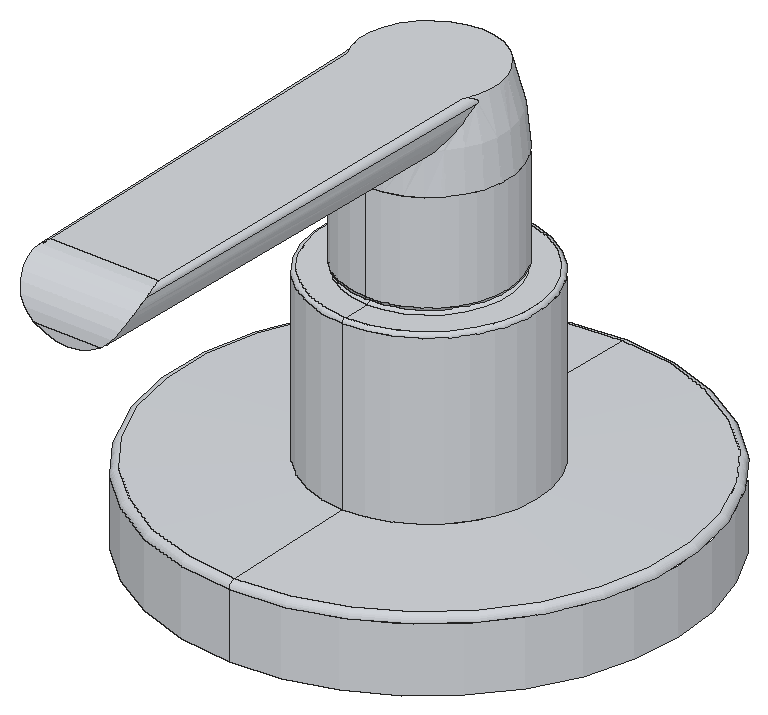
Revit family "Shower-Valve_Trim-KOHLER-Avid-K-T97025", category Specialty Equipment, host Face, Revit 2017
Family settings
  Host = Face
  Round Connector Dimension = Use Diameter
  Part Type = Normal
  OmniClass Number = 23.31.25.00
  OmniClass Title = Toilet and Bath Specialties
  Cut with Voids When Loaded = No
  Shared = No
  Room Calculation Point = No
Parameters (values of type "CP-Polished Chrome")
  Width = 3 15/16"  # constant formula
  WaterSense Certified = 1 = 0  # no
  URL = "https://www.us.kohler.com/us/"
  Type = 1
  Product Page URL = "http://www.us.kohler.com/us/catalog/productDetails.jsp?productId=T97025-4"
  Product Name = "Avid"  # constant formula
  Product Documentation Link = "https://www.us.kohler.com/webassets/kpna/catalog/pdf/en/K-T97025-4_spec.pdf"
  Model = if(Type = 1, "K-T97025-4-CP", if(Type = 2, "K-T97025-4-BN", "NA"))  # "K-T97025-4-CP"
  Material = "Premium Metal Construction"  # constant formula
  Master Format 2014 Name = "Toilet, Bath, and Laundry Accessories"  # constant formula
  Master Format 2014 = "10 28 00"  # constant formula
  Manufacturer Address = "444 Highland Dr, Kohler, WI 53044"  # constant formula
  Manufacturer = "KOHLER Co."  # constant formula
  Length = 3 3/8"  # constant formula
  Height = 3 15/16"  # constant formula
  Handle Clearance = 3 9/16"  # constant formula
  Finish = Kohler-Metal-CP-Polished_Chrome
  Environmental Product Declaration = ""
  Description = "Volume control valve trim with lever handle"  # constant formula
  Default Elevation = 42"
  Declare Label = ""
  Date Modified = "05/20/2020"  # constant formula
  Date Created = "05/20/2020"  # constant formula
  Copyright = "Copyright KOHLER Co."  # constant formula
  Contact Us = "https://www.us.kohler.com/us/static/contact.jsp"
  Assembly Code = "C1030200"
  ADA Compliant = 1 = 1  # yes
Types (3): name | Type | Model | Finish
  (no name) | 1 | "K-T97025-4-CP" | Kohler-Metal-CP-Polished_Chrome
  CP-Polished Chrome | 1 | "K-T97025-4-CP" | Kohler-Metal-CP-Polished_Chrome
  BN-Vibrant Brushed Nickel | 2 | "K-T97025-4-BN" | Kohler-Metal-BN-Vibrant_Brushed_Nickel
Reference planes (in)
  plane 1 "Center (Front/Back)": y = 0
  plane 2: z = 0
  plane 3 "Center (Left/Right)": x = 0
  plane 4: x = -1.96875
  plane 5: x = 1.96875
  plane 6: y = 1.96875
  plane 7: y = -1.96875
  plane 8: y = -3.5625
  plane 9: z = 3.375
  plane 10: y = 0.851
  plane 11: y = -0.851
  plane 12: x = 0.851
  plane 13: x = -0.851
Dimensions and locks (in)
  "Width": plane 4 to plane 5
  "Height": plane 6 to plane 7
  "Length": level to plane 9
  "Handle Clearance": plane 1 "Center (Front/Back)" to plane 8
  aligned and locked: plane 2 to host face
  aligned and locked: level to host face
  aligned and locked: plane 3 "Center (Left/Right)" to nested 1
  aligned and locked: plane 1 "Center (Front/Back)" to nested 1
Automatic sketch dimensions
  host sketch curve to host sketch curve = 96"  (x2)
Nested families (in)
  nested 1: "K-T97025" at (0, 0, 0), type "K-T97025"
Definition of nested family "K-T97025"
  Parameters (values of type "K-T97025")
    Material = none
  Reference planes (in)
    plane 1 "Center (Front/Back)": y = 0
    plane 2: z = 0
    plane 3 "Center (Left/Right)": x = 0
    plane 4: x = -1.96875
    plane 5: x = 1.96875
    plane 6: y = 1.96875
    plane 7: y = -1.96875
    plane 8: y = -3.5625
    plane 9: z = 3.375
    plane 10: y = 0.851
    plane 11: y = -0.851
    plane 12: x = -0.851
    plane 13: x = 0.851
  Forms (in)
    Revolve 1, solid, material <- "Material", detail levels medium+fine
      sketch origin (0, 0, 0) x (0, 1, 0) y (0, 0, 1)
        loop
          line (1.96875, 0) -> (1.96875, 0.50563)
          arc (1.96875, 0.50563) -> (1.95263, 0.54511) -> (1.91348, 0.56202) r 0.0564
          line (1.91348, 0.56202) -> (0.851, 0.58336) -> (0.851, 1.89638)
          arc (0.851, 1.89638) -> (0.84225, 1.91777) -> (0.82101, 1.9269) r 0.03052
          line (0.82101, 1.9269) -> (0.61214, 1.9269)
          arc (0.61214, 1.9269) -> (0.57534, 1.93728) -> (0.54939, 1.96536) r 0.07042
          line (0.54939, 1.96536) -> (0.60624, 1.96536)
          arc (0.60624, 1.96536) -> (0.62021, 1.97115) -> (0.626, 1.98512) r 0.01976
          line (0.626, 1.98512) -> (0.626, 2.76536)
          arc (0.626, 2.76536) -> (0.59847, 3.07504) -> (0.51675, 3.375) r 1.75562
          line (0.51675, 3.375) -> (0, 3.375) -> (0, 0) -> (1.96875, 0)
        axis (0, 0) -> (0, 3.375)
      angle from 0 to 360
    Blend 2, solid, material <- "Material", detail levels medium+fine
      base sketch origin (0, 0, -0.8125) x (1, 0, 0) y (0, 0, 1)
        loop
          line (0.41472, 4.1875) -> (-0.41472, 4.1875)
          arc (-0.41472, 4.1875) -> (-0.43687, 4.17785) -> (-0.44488, 4.15506) r 0.03024
          arc (-0.44488, 4.15506) -> (-0.30352, 3.86062) -> (0.00058, 3.74144) r 0.44606
          arc (0.00058, 3.74144) -> (0.30394, 3.86101) -> (0.44488, 4.15506) r 0.44606
          arc (0.44488, 4.15506) -> (0.43687, 4.17785) -> (0.41472, 4.1875) r 0.03024
      top sketch origin (0, 0, -0.8125) x (1, 0, 0) y (0, 0, 1)
        loop
          arc (0, 3.71216) -> (0.33957, 3.81868) -> (0.51082, 4.13066) r 0.47686
          arc (0.51082, 4.13066) -> (0.49839, 4.17042) -> (0.4604, 4.1875) r 0.05078
          line (0.4604, 4.1875) -> (-0.4611, 4.1875)
          arc (-0.4611, 4.1875) -> (-0.4986, 4.17066) -> (-0.51091, 4.13144) r 0.05016
          arc (-0.51091, 4.13144) -> (-0.33987, 3.81893) -> (0, 3.71216) r 0.47686
      from 3.96503 to 0
    Extrusion 3, void
      sketch origin (0, 0, 0) x (0, 1, 0) y (0, 0, 1)
        loop
          line (-3.5625, 2.81219) -> (-3.5625, 3.00894)
          arc (-3.5625, 3.00894) -> (-3.45528, 3.26778) -> (-3.19644, 3.375) r 0.36606
          line (-3.19644, 3.375) -> (-3.0625, 3.375) -> (-3.0625, 3.625) -> (-4.15926, 3.625) -> (-4.15926, 2.81219) -> (-3.5625, 2.81219)
      from -0.73136 to 0.69644
    Revolve 4, solid, material <- "Material", detail levels coarse
      sketch origin (0, 0, 0) x (0, 1, 0) y (0, 0, 1)
        loop
          line (0, 3.375) -> (0, 0) -> (1.96875, 0) -> (1.96875, 0.56104) -> (0.851, 0.58336) -> (0.851, 1.9269) -> (0.62604, 1.9269) -> (0.62604, 3.375) -> (0, 3.375)
        axis (0, 0) -> (0, 3.375)
      angle from 0 to 360
    Extrusion 5, solid, material <- "Material", detail levels coarse
      sketch origin (0, 0, 0) x (1, 0, 0) y (0, 0, 1)
        loop
          line (-0.61824, 3.375) -> (-0.61824, 2.90424) -> (0.61824, 2.90424) -> (0.61824, 3.375) -> (-0.61824, 3.375)
      from 0 to 3.5625
  Cuts and joins
    Extrusion 3 cuts Blend 2
    joined: Revolve 1, Blend 2
    joined: Revolve 4, Extrusion 5
  Lines and regions (in)
    Masking region 1
      outline origin (0, 0, 0) x (0, 1, 0) y (0, 0, 1)
        loop
          line (1.96875, 0) -> (1.96875, 0.50538)
          arc (1.96875, 0.50538) -> (1.95252, 0.54513) -> (1.91311, 0.56215) r 0.05678
          line (1.91311, 0.56215) -> (0.851, 0.58336) -> (0.851, 1.89755)
          arc (0.851, 1.89755) -> (0.84259, 1.91811) -> (0.82218, 1.92688) r 0.02933
          line (0.82218, 1.92688) -> (0.61234, 1.93054)
          arc (0.61234, 1.93054) -> (0.57653, 1.94012) -> (0.54939, 1.96536) r 0.07674
          line (0.54939, 1.96536) -> (0.60345, 1.96536)
          arc (0.60345, 1.96536) -> (0.61943, 1.97198) -> (0.62604, 1.98795) r 0.02259
          line (0.62604, 1.98795) -> (0.62604, 2.79743)
          arc (0.62604, 2.79743) -> (0.60011, 3.08257) -> (0.52318, 3.35836) r 1.58077
          arc (0.52318, 3.35836) -> (0.51371, 3.37044) -> (0.49906, 3.375) r 0.0258
          line (0.49906, 3.375) -> (-3.19638, 3.375)
          arc (-3.19638, 3.375) -> (-3.45527, 3.26777) -> (-3.5625, 3.00888) r 0.36612
          line (-3.5625, 3.00888) -> (-3.5625, 2.92596) -> (-0.92156, 2.90647)
          arc (-0.92156, 2.90647) -> (-0.71247, 2.8185) -> (-0.62604, 2.60876) r 0.29772
          line (-0.62604, 2.60876) -> (-0.62604, 1.98795)
          arc (-0.62604, 1.98795) -> (-0.61943, 1.97198) -> (-0.60345, 1.96536) r 0.02259
          line (-0.60345, 1.96536) -> (-0.54939, 1.96536)
          arc (-0.54939, 1.96536) -> (-0.57653, 1.94012) -> (-0.61234, 1.93054) r 0.07674
          line (-0.61234, 1.93054) -> (-0.82218, 1.92688)
          arc (-0.82218, 1.92688) -> (-0.84259, 1.91811) -> (-0.851, 1.89755) r 0.02933
          line (-0.851, 1.89755) -> (-0.851, 0.58336) -> (-1.91311, 0.56215)
          arc (-1.91311, 0.56215) -> (-1.95252, 0.54513) -> (-1.96875, 0.50538) r 0.05678
          line (-1.96875, 0.50538) -> (-1.96875, 0) -> (1.96875, 0)
    Masking region 2
      outline origin (0, 0, 0) x (1, 0, 0) y (0, 0, 1)
        loop
          line (1.96875, 0) -> (1.96875, 0.50645)
          arc (1.96875, 0.50645) -> (1.95287, 0.54535) -> (1.9143, 0.56201) r 0.05556
          line (1.9143, 0.56201) -> (0.851, 0.58336) -> (0.851, 1.8962)
          arc (0.851, 1.8962) -> (0.84219, 1.91772) -> (0.82083, 1.9269) r 0.03071
          line (0.82083, 1.9269) -> (0.61234, 1.93054)
          arc (0.61234, 1.93054) -> (0.57637, 1.94011) -> (0.54902, 1.96536) r 0.07744
          line (0.54902, 1.96536) -> (0.6051, 1.96536)
          arc (0.6051, 1.96536) -> (0.61992, 1.9715) -> (0.62605, 1.98631) r 0.02096
          line (0.62605, 1.98631) -> (0.62605, 2.79659)
          arc (0.62605, 2.79659) -> (0.60081, 3.07873) -> (0.52587, 3.3519) r 1.58907
          arc (0.52587, 3.3519) -> (0.51285, 3.36866) -> (0.49259, 3.375) r 0.03551
          line (0.49259, 3.375) -> (-0.49259, 3.375)
          arc (-0.49259, 3.375) -> (-0.51285, 3.36866) -> (-0.52587, 3.3519) r 0.03551
          arc (-0.52587, 3.3519) -> (-0.60081, 3.07873) -> (-0.62605, 2.79659) r 1.58907
          line (-0.62605, 2.79659) -> (-0.62605, 1.98631)
          arc (-0.62605, 1.98631) -> (-0.61992, 1.9715) -> (-0.6051, 1.96536) r 0.02096
          line (-0.6051, 1.96536) -> (-0.54902, 1.96536)
          arc (-0.54902, 1.96536) -> (-0.57637, 1.94011) -> (-0.61234, 1.93054) r 0.07744
          line (-0.61234, 1.93054) -> (-0.82083, 1.9269)
          arc (-0.82083, 1.9269) -> (-0.84219, 1.91772) -> (-0.851, 1.8962) r 0.03071
          line (-0.851, 1.8962) -> (-0.851, 0.58336) -> (-1.9143, 0.56201)
          arc (-1.9143, 0.56201) -> (-1.95287, 0.54535) -> (-1.96875, 0.50645) r 0.05556
          line (-1.96875, 0.50645) -> (-1.96875, 0) -> (1.96875, 0)
    Masking region 3
      outline origin (0, 0, 0) x (1, 0, 0) y (0, 1, 0)
        loop
          arc (0.47776, -1.9099) -> (0, 1.96875) -> (-0.47776, -1.9099) r 1.96875
          line (-0.47776, -1.9099) -> (-0.45415, -3.41154)
          arc (-0.45415, -3.41154) -> (-0.4084, -3.51843) -> (-0.3008, -3.5625) r 0.15337
          line (-0.3008, -3.5625) -> (0.3008, -3.5625)
          arc (0.3008, -3.5625) -> (0.4084, -3.51843) -> (0.45415, -3.41154) r 0.15337
          line (0.45415, -3.41154) -> (0.47776, -1.9099)
    symbolic lines, detail levels medium+fine
      curve 1: line (0, 0.851, 0.58336) -> (0, -0.851, 0.58336)
      curve 2: line (0, 0.61234, 1.93054) -> (0, -0.61234, 1.93054)
      curve 3: line (0, 0.54939, 1.96536) -> (0, -0.54939, 1.96536)
      curve 4: line (0.851, 0, 0.58336) -> (-0.851, 0, 0.58336)
      curve 5: line (0.61234, 0, 1.93054) -> (-0.61234, 0, 1.93054)
      curve 6: line (-0.54902, 0, 1.96536) -> (0.54939, 0, 1.96536)
      curve 7: arc (-0.50983, -0.33916, 0) -> (-0.53974, 0.2892, 0) -> (0, 0.61234, 0) r 0.61234
      curve 8: arc (0, 0.61234, 0) -> (0.53974, 0.2892, 0) -> (0.50983, -0.33916, 0) r 0.61234
      curve 9: arc (0, 0.51675, 0) -> (-0.3654, 0.3654, 0) -> (-0.51675, 0, 0) r 0.51675
      curve 10: arc (0.51675, 0, 0) -> (0.3654, 0.3654, 0) -> (0, 0.51675, 0) r 0.51675
      curve 11: line (-0.47776, -1.9099, 0) -> (-0.51675, 0, 0)
      curve 12: line (0.47776, -1.9099, 0) -> (0.51675, 0, 0)
      curve 13: arc (0.50273, -0.68663, 0) -> (0, 0.851, 0) -> (-0.50273, -0.68663, 0) r 0.851
      curve 14: arc (-1.47854, 0.03252, 0) -> (-1.51106, 0, 0) -> (-1.47854, -0.03252, 0) r 0.03252
      curve 15: arc (-1.25178, -0.03252, 0) -> (-1.21926, 0, 0) -> (-1.25178, 0.03252, 0) r 0.03252
      curve 16: line (-1.47854, 0.03252, 0) -> (-1.25178, 0.03252, 0)
      curve 17: line (-1.47854, -0.03252, 0) -> (-1.25178, -0.03252, 0)
      curve 18: arc (-1.37844, -0.53576, 0) -> (-1.39604, -0.57826, 0) -> (-1.35354, -0.59586, 0) r 0.03252
      curve 19: arc (-1.14405, -0.50908, 0) -> (-1.12645, -0.46659, 0) -> (-1.16894, -0.44899, 0) r 0.03252
      curve 20: line (-1.37844, -0.53576, 0) -> (-1.16894, -0.44899, 0)
      curve 21: line (-1.35354, -0.59586, 0) -> (-1.14405, -0.50908, 0)
      curve 22: arc (-1.06848, -1.02249, 0) -> (-1.06848, -1.06848, 0) -> (-1.02249, -1.06848, 0) r 0.03252
      curve 23: arc (-0.86214, -0.90814, 0) -> (-0.86214, -0.86214, 0) -> (-0.90814, -0.86214, 0) r 0.03252
      curve 24: line (-1.06848, -1.02249, 0) -> (-0.90814, -0.86214, 0)
      curve 25: line (-1.02249, -1.06848, 0) -> (-0.86214, -0.90814, 0)
      curve 26: arc (-0.59586, -1.35354, 0) -> (-0.57826, -1.39604, 0) -> (-0.53576, -1.37844, 0) r 0.03252
      curve 27: arc (-0.49373, -1.12748, 0) -> (-0.50289, -1.13439, 0) -> (-0.50908, -1.14405, 0) r 0.03252
      curve 28: line (-0.59586, -1.35354, 0) -> (-0.50908, -1.14405, 0)
      curve 29: line (-0.53576, -1.37844, 0) -> (-0.49083, -1.26994, 0)
  Dimensions and locks (in)
    plane 8 to plane 1 "Center (Front/Back)" = 3 9/16"
    plane 9 to level = 3 3/8"
    locked: plane 4 to plane 5 at 3.9375
    aligned and locked: plane 2 to level
